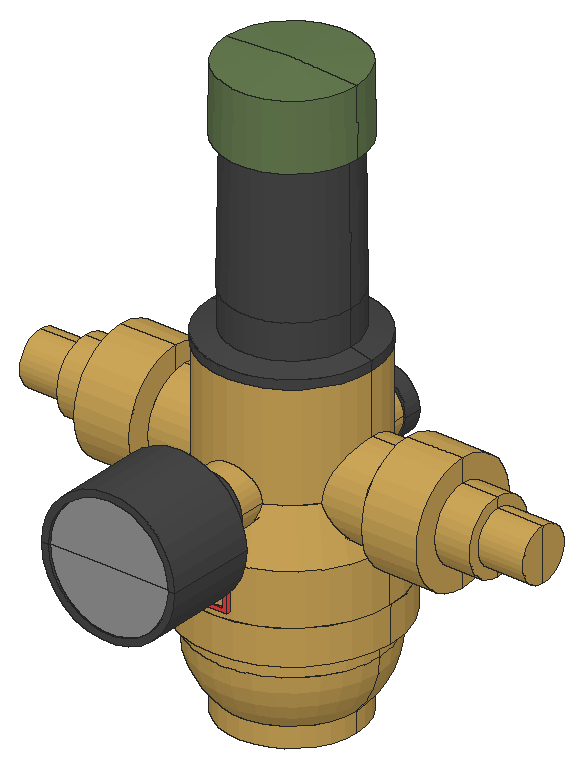
Revit family "Druckminderer mit Messingkappe 2682", category Rohrzubehör, Revit 2018
Family settings
  Bemaßung runder Anschluss = Durchmesser verwenden
  Teiletyp = Unterbricht
  OmniClass-Nummer = 23.65.55.14
  OmniClass-Titel = Valves for Liquid Services
  Arbeitsebenenbasiert = Nein
  Immer vertikal = Ja
  Beim Laden mit Abzugskörper schneiden = Nein
  Gemeinsam genutzt = Nein
Parameters (values of type "Manometer vorne")
  Werkseinstellung (sekundärseitig) = 300000.0 Pa  # constant formula
  W01 = 91.00°  # constant formula
  Vorne [instance] = yes
  VRL03 [instance] = size_lookup("2682_M_", "VRL3", 1.000 mm, Nennweite)  # 23.500 mm
  VRL02 [instance] = size_lookup("2682_M_", "VRL2", 1.000 mm, Nennweite)  # 16.000 mm
  VRL01 [instance] = size_lookup("2682_M_", "VRL1", 1.000 mm, Nennweite)  # 73.500 mm
  VRD02 [instance] = size_lookup("2682_M_", "VRD2", 1.000 mm, Nennweite)  # 17.000 mm
  VRD01 [instance] = size_lookup("2682_M_", "VRD1", 1.000 mm, Nennweite)  # 10.500 mm
  VRAG [instance] = Nennweite / 2  # 7.500 mm
  URL = "www.herz-armaturen.at"
  Standard = "EN 1567"  # constant formula
  SC_NennweiteBerechnet = 0
  SC_Dimension = ""
  SCTWSEQ = "AW;SBT_TYP_AW=\"111\";2"
  SCTWCODE = "04;24;02"  # constant formula
  S02 = 10.000 mm  # constant formula
  S01 [instance] = VRD02 * 2  # 34.000 mm
  R07 [instance] = R05 + 0.800 mm  # 9.300 mm
  R06 = 19.500 mm  # constant formula
  R05 [instance] = size_lookup("2682_M_", "R5", 1.000 mm, Nennweite)  # 8.500 mm
  R04 [instance] = size_lookup("2682_M_", "R4", 1.000 mm, Nennweite)  # 18.900 mm
  R03 [instance] = size_lookup("2682_M_", "R3", 1.000 mm, Nennweite)  # 19.250 mm
  R02 [instance] = size_lookup("2682_M_", "R2", 1.000 mm, Nennweite)  # 28.750 mm
  R01 [instance] = size_lookup("2682_M_", "R1", 1.000 mm, Nennweite)  # 23.250 mm
  Oberteile = "PA6.6"  # constant formula
  Nennweite [instance] = 15.000 mm
  Membrane = "EPDM"  # constant formula
  Medium = "Wasser"  # constant formula
  Max. Vordruck (primärseitig) = 1600000.0 Pa  # constant formula
  Max. Betriebstemperatur = 70 °C  # constant formula
  Maschenweite Filter = "0.3 mm"  # constant formula
  Manometerskala = "0 - 10 bar"  # constant formula
  Manometeranschluss (beidseitig) N = "1/4\" F (ISO 228-1)"
  LO01 [instance] = H02 - 2.000 mm  # 27.000 mm
  L01 [instance] = size_lookup("2682_M_", "L1", 1.000 mm, Nennweite)  # 10.600 mm
  L00 [instance] = size_lookup("2682_M_", "L", 1.000 mm, Nennweite)  # 84.000 mm
  Kappe = "Messing CW617N"  # constant formula
  Holländeranschlüsse = "Messing CW617N"  # constant formula
  Hinweis = "Gemäß Art 33 der REACH-Verordnung (EG Nr. 1907/2006) sind wir verpflichtet, darauf hinzuweisen, dass der Stoff Blei auf der SVHC-Liste geführt wird und dass alle aus Messing bestehenden Bauteile, die in unseren Erzeugnissen verarbeitet sind, mehr als 0,1 % (w/w) Blei (CAS: 7439-92-1 / EINECS: 231-100-4) enthalten.\r\nDa Blei als Legierungsbestandteil fest gebunden ist, sind keine Expositionen zu erwarten und daher sind keine zusätzlichen Angaben zur sicheren Verwendung notwendig."
  Hinten [instance] = no
  Hersteller = "HERZ Armaturen Ges.m.b.H."  # constant formula
  Handgriff = "PA 6.6, grün"  # constant formula
  H12 [instance] = size_lookup("2682_M_", "H12", 1.000 mm, Nennweite)  # 5.800 mm
  H11 [instance] = size_lookup("2682_M_", "H11", 1.000 mm, Nennweite)  # 10.000 mm
  H10 [instance] = size_lookup("2682_M_", "H10", 1.000 mm, Nennweite)  # 37.000 mm
  H09 [instance] = H01 + H04 - H05  # 84.500 mm
  H08 [instance] = size_lookup("2682_M_", "H8", 1.000 mm, Nennweite)  # 20.000 mm
  H07 [instance] = size_lookup("2682_M_", "H7", 1.000 mm, Nennweite)  # 10.000 mm
  H06 [instance] = size_lookup("2682_M_", "H6", 1.000 mm, Nennweite)  # 2.500 mm
  H05 [instance] = size_lookup("2682_M_", "H5", 1.000 mm, Nennweite)  # 4.700 mm
  H04 [instance] = size_lookup("2682_M_", "H4", 1.000 mm, Nennweite)  # 58.700 mm
  H03 [instance] = D02 + 1.000 mm  # 14.220 mm
  H02 [instance] = size_lookup("2682_M_", "H2", 1.000 mm, Nennweite)  # 29.000 mm
  H01 [instance] = size_lookup("2682_M_", "H1", 1.000 mm, Nennweite)  # 30.500 mm
  Gehäuse (DN32-DN50) = "Gussmessing (EN 1982; CC770S)"  # constant formula
  Gehäuse (DN15-DN25) = "geschmiedetes Messing (EN 12165; CW626N)"  # constant formula
  GT1 [instance] = size_lookup("2682_M_", "GT1", 1.000 mm, Nennweite)  # 12.000 mm
  GT [instance] = size_lookup("2682_M_", "GT", 1.000 mm, Nennweite)  # 13.200 mm
  Filter = "Edelstahl"  # constant formula
  Federführung = "Edelstahl"  # constant formula
  Feder = "Federstahl"  # constant formula
  Einstellbereich (sekundärseitig) = "1.5 - 6 bar"  # constant formula
  Dichtung im Druckreduziererelement = "EPDM"  # constant formula
  Dichtung der Holländeranschlüsse = "Klingersil C-4324"  # constant formula
  D09 [instance] = size_lookup("2682_M_", "D9", 1.000 mm, Nennweite)  # 19.000 mm
  D08 [instance] = size_lookup("2682_M_", "D8", 1.000 mm, Nennweite)  # 25.800 mm
  D07 [instance] = size_lookup("2682_M_", "D7", 1.000 mm, Nennweite)  # 29.000 mm
  D06 [instance] = size_lookup("2682_M_", "D6", 1.000 mm, Nennweite)  # 16.000 mm
  D05 [instance] = size_lookup("2682_M_", "D5", 1.000 mm, Nennweite)  # 16.800 mm
  D04 [instance] = size_lookup("2682_M_", "D4", 1.000 mm, Nennweite)  # 17.300 mm
  D03 [instance] = size_lookup("2682_M_", "D3", 1.000 mm, Nennweite)  # 23.500 mm
  D02 [instance] = size_lookup("2682_M_", "D2", 1.000 mm, Nennweite)  # 13.220 mm
  D01 [instance] = size_lookup("2682_M_", "D1", 1.000 mm, Nennweite)  # 9.525 mm
  Bestellnummer [instance] = size_lookup("2682_M_", "Artnr", 0, Nennweite)  # 1268221
  B03 = 5.000 mm  # constant formula
  B02 = 26.000 mm  # constant formula
  B01 [instance] = size_lookup("2682_M_", "B1", 1.000 mm, Nennweite)  # 30.000 mm
  B00 [instance] = size_lookup("2682_M_", "B", 1.000 mm, Nennweite)  # 67.000 mm
  Außengewinde = "gemäß ISO 7-1 und ISO228"  # constant formula
  Anwendung = "Typischerweise dient der Druckreduzierer dazu, Installationen beziehungsweise Anlagen vor zu hohem Druck zu schützen.\r\nWeiters können Druckreduzierer in Heizungsanlagen eingesetzt werden, um zu hohe Drücke im Boiler zu verhindern.\r\nDer Druck nach dem Druckreduzierer ist im angegebenen Bereich einstellbar und steht nicht im Zusammenhang mit dem Vordruck.\r\nUm den Druck nach dem Druckreduzierer zu steigern, muss der Handgriff im Uhrzeigersinn gedreht werden.\r\nDurch das Einstellen von Drücken, welche die vorgegebene Skala überschreiten, können Schäden am Druckreduzierer entstehen.\r\nWir empfehlen einen maximalen Hinterdruck sekundärseitig von 4 bar für Anlagen in privaten Haushalten (lange Produktlebensdauer, geringe Kosten).\r\nNach jeder Änderung des Einstellwertes muss die Ausgangsseite druckentlastet werden, zum Beispiel durch Wasserzapfen."
Types (3, lengths in mm): name | Vorne | Hinten
  (no name) | yes | no
  Manometer vorne | yes | no
  Manometer hinten | no | yes
Reference planes
  plane 1 "Mitte (Vorne/hinten)": y = 0
  plane 2: z = 0
  plane 3 "Mitte (Links/rechts)": x = 0
Forms (mm)
  Revolve 1, solid, material "Messing, weicher Gelbton, geschweißt", detail levels fine
    sketch origin (0, 0, 0) x (1, 0, 0) y (0, 0, 1)
      loop
        line (-42, 0) -> (42, 0) -> (42, 9.525) -> (31.4, 9.525) -> (31.4, 13.22) -> (-31.4, 13.22) -> (-31.4, 9.525) -> (-42, 9.525) -> (-42, 0)
      axis (-42, 0) -> (42, 0)
    angle from 0 to 360
  Revolve 2, solid, material "Messing, weicher Gelbton, geschweißt", detail levels fine
    sketch origin (0, 0, 0) x (1, 0, 0) y (0, 0, 1)
      loop
        line (0, -29) -> (28.75, -29) -> (28.75, -14.22) -> (23.25, 0) -> (23.25, 30.5) -> (0, 30.5) -> (0, -29)
      axis (0, 30.5) -> (0, -29)
    angle from 0 to 360
  Revolve 3, solid, material "Acetalharz, Schwarz", detail levels fine
    sketch origin (0, 0, 0) x (1, 0, 0) y (0, 0, 1)
      loop
        line (0, 30.5) -> (0, 89.2) -> (-16, 89.2) -> (-16, 84.5) -> (-16.8, 84.5) -> (-17.3, 44.5) -> (-17.3, 34.5) -> (-23.5, 33) -> (-23.5, 30.5) -> (0, 30.5)
      axis (0, 89.2) -> (0, 30.5)
    angle from 0 to 360
  Revolve 4, solid, material "Kunststoff GRÜN", detail levels fine
    sketch origin (0, 0, 0) x (1, 0, 0) y (0, 0, 1)
      loop
        line (0, 84.5) -> (19.25, 84.5) -> (18.9, 103.392)
        arc (18.9, 103.392) -> (9.466, 104.223) -> (0, 104.5) r 161.794
        line (0, 104.5) -> (0, 84.5)
      axis (0, 104.5) -> (0, 84.5)
    angle from 0 to 360
  Revolve 5, solid, material "Messing, weicher Gelbton, geschweißt", detail levels fine
    sketch origin (0, 0, 0) x (1, 0, 0) y (0, 0, 1)
      loop
        line (0, -29) -> (0, -66) -> (19, -66) -> (19, -60.2)
        arc (19, -60.2) -> (24.034, -52.577) -> (25.8, -43.615) r 23.626
        line (25.8, -43.615) -> (25.8, -39) -> (29, -39) -> (29, -29) -> (0, -29)
      axis (0, -29) -> (0, -66)
    angle from 0 to 360
  Revolve 6, solid, material "Messing, weicher Gelbton, geschweißt", detail levels fine
    sketch origin (0, 0, 0) x (1, 0, 0) y (0, 0, 1)
      loop
        line (34, 9.525) -> (46, 9.525) -> (46, 0) -> (73.5, 0) -> (73.5, 7.5) -> (60.3, 7.5) -> (60.3, 10.5) -> (50, 10.5) -> (50, 17) -> (34, 17) -> (34, 9.525)
      loop
        line (-34, 9.525) -> (-34, 17) -> (-50, 17) -> (-50, 10.5) -> (-60.3, 10.5) -> (-60.3, 7.5) -> (-73.5, 7.5) -> (-73.5, 0) -> (-46, 0) -> (-46, 9.525) -> (-34, 9.525)
      axis (-73.5, 0) -> (73.5, 0)
    angle from 0 to 360
  Revolve 7, solid, material "Messing, weicher Gelbton, geschweißt", detail levels fine
    sketch origin (0, 0, 0) x (1, 0, 0) y (0, 1, 0)
      loop
        line (0, 30) -> (0, -30) -> (8.5, -30) -> (8.5, 30) -> (0, 30)
      axis (0, 30) -> (0, -30)
    angle from 0 to 360
  Revolve 8, solid, material "Acetalharz, Schwarz", visible <- "Vorne", detail levels fine
    sketch origin (0, 0, 0) x (1, 0, 0) y (0, 1, 0)
      loop
        line (0, -30) -> (0, -65) -> (17.5, -65) -> (17.5, -67) -> (19.5, -67) -> (19.5, -41) -> (9.3, -41) -> (9.3, -30) -> (0, -30)
      axis (0, -30) -> (0, -67)
    angle from 0 to 360
  Revolve 9, solid, material "Acetalharz, Schwarz", visible <- "Vorne", detail levels fine
    sketch origin (0, 0, 0) x (1, 0, 0) y (0, 1, 0)
      loop
        line (0, 30) -> (9.3, 30) -> (9.3, 35) -> (0, 35) -> (0, 30)
      axis (0, 35) -> (0, 30)
    angle from 0 to 360
  Revolve 10, solid, material "Acetalharz, Schwarz", visible <- "Hinten", detail levels fine
    sketch origin (0, 0, 0) x (1, 0, 0) y (0, -1, 0)
      loop
        line (0, 30) -> (9.3, 30) -> (9.3, 35) -> (0, 35) -> (0, 30)
      axis (0, 35) -> (0, 30)
    angle from 0 to 360
  Revolve 11, solid, material "Acetalharz, Weiß", visible <- "Vorne", detail levels fine
    sketch origin (0, 0, 0) x (1, 0, 0) y (0, 1, 0)
      loop
        line (0, -65) -> (0, -66.5) -> (17.5, -66.5) -> (17.5, -65) -> (0, -65)
      axis (0, -65) -> (0, -66.5)
    angle from 0 to 360
  Revolve 12, solid, material "Acetalharz, Schwarz", visible <- "Hinten", detail levels fine
    sketch origin (0, 0, 0) x (1, 0, 0) y (0, -1, 0)
      loop
        line (0, -30) -> (0, -65) -> (17.5, -65) -> (17.5, -67) -> (19.5, -67) -> (19.5, -41) -> (9.3, -41) -> (9.3, -30) -> (0, -30)
      axis (0, -30) -> (0, -67)
    angle from 0 to 360
  Revolve 13, solid, material "Acetalharz, Weiß", visible <- "Hinten", detail levels fine
    sketch origin (0, 0, 0) x (1, 0, 0) y (0, -1, 0)
      loop
        line (0, -65) -> (0, -66.5) -> (17.5, -66.5) -> (17.5, -65) -> (0, -65)
      axis (0, -65) -> (0, -66.5)
    angle from 0 to 360
Lines and regions (mm)
  model lines, detail levels coarse+medium
    curve 1: line (-42, 0, -17) -> (-42, 0, 17)
    curve 2: line (-42, 0, 17) -> (42, 0, -34)
    curve 3: line (42, 0, -34) -> (42, 0, 34)
    curve 4: line (42, 0, 34) -> (-42, 0, -17)
    curve 5: line (-42, 0, 17) -> (-52, 0, 17)
    curve 6: line (-52, 0, 17) -> (-42, 0, 0)
    curve 7: line (-42, 0, -17) -> (-52, 0, -17)
    curve 8: line (-52, 0, -17) -> (-42, 0, 0)
    curve 9: line (-42, 0, 0) -> (-73.5, 0, 0)
    curve 10: line (42, 0, 17) -> (52, 0, 17)
    curve 11: line (52, 0, 17) -> (42, 0, 0)
    curve 12: line (42, 0, -17) -> (52, 0, -17)
    curve 13: line (52, 0, -17) -> (42, 0, 0)
    curve 14: line (42, 0, 0) -> (73.5, 0, 0)
    curve 15: line (-42, -17, 0) -> (-42, 17, 0)
    curve 16: line (-42, 17, 0) -> (42, -34, 0)
    curve 17: line (42, -34, 0) -> (42, 34, 0)
    curve 18: line (42, 34, 0) -> (-42, -17, 0)
    curve 19: line (-42, 17, 0) -> (-52, 17, 0)
    curve 20: line (-52, 17, 0) -> (-42, 0, 0)
    curve 21: line (-42, -17, 0) -> (-52, -17, 0)
    curve 22: line (-52, -17, 0) -> (-42, 0, 0)
    curve 23: line (42, 0, -17) -> (42, 0, 17)
    curve 24: line (42, 0, 17) -> (52, 0, 17)
    curve 25: line (52, 0, 17) -> (42, 0, 0)
    curve 26: line (42, 17, 0) -> (52, 17, 0)
    curve 27: line (52, 17, 0) -> (42, 0, 0)
    curve 28: line (42, -17, 0) -> (52, -17, 0)
    curve 29: line (52, -17, 0) -> (42, 0, 0)
Dimensions and locks
  equal spacing: Revolve 1 sketch curve, plane 3 "Mitte (Links/rechts)", Revolve 1 sketch curve
  "L00": Revolve 1 sketch curve to Revolve 1 sketch curve
  "L01": Revolve 1 sketch curve to Revolve 1 sketch curve  (x2)
  "D01": Revolve 1 sketch curve to Revolve 1 sketch curve  (x2)
  "D02": Revolve 1 sketch curve to plane 2
  "R01": Revolve 2 sketch curve to Revolve 2 sketch curve
  "R02": Revolve 2 sketch curve to Revolve 2 sketch curve
  "H01": Revolve 2 sketch curve to plane 2
  "H02": plane 2 to Revolve 2 sketch curve
  "H03": plane 2 to Revolve 2 sketch curve
  "H01": Revolve 3 sketch curve to plane 2
  "H04": Revolve 3 sketch curve to Revolve 3 sketch curve
  "H05": Revolve 3 sketch curve to Revolve 3 sketch curve
  "H06": Revolve 3 sketch curve to Revolve 3 sketch curve
  "H07": Revolve 3 sketch curve to Revolve 3 sketch curve
  "D03": Revolve 3 sketch curve to Revolve 3 sketch curve
  "D04": Revolve 3 sketch curve to Revolve 3 sketch curve
  "D05": Revolve 3 sketch curve to Revolve 3 sketch curve
  "D06": Revolve 3 sketch curve to Revolve 3 sketch curve
  "R03": Revolve 4 sketch curve to Revolve 4 sketch curve
  "H08": Revolve 4 sketch curve to Revolve 4 sketch curve
  "R04": Revolve 4 sketch curve to plane 3 "Mitte (Links/rechts)"
  "H09": Revolve 4 sketch curve to plane 2
  "H10": Revolve 5 sketch curve to Revolve 5 sketch curve
  "H02": plane 2 to Revolve 5 sketch curve
  "D07": Revolve 5 sketch curve to Revolve 5 sketch curve
  "H11": Revolve 5 sketch curve to Revolve 5 sketch curve
  "D08": Revolve 5 sketch curve to Revolve 5 sketch curve
  "H12": Revolve 5 sketch curve to Revolve 5 sketch curve
  "D09": Revolve 5 sketch curve to Revolve 5 sketch curve
  "VRL02": Revolve 6 sketch curve to Revolve 6 sketch curve  (x2)
  "VRL01": Revolve 6 sketch curve to plane 3 "Mitte (Links/rechts)"
  "GT": Revolve 6 sketch curve to Revolve 6 sketch curve  (x2)
  "VRL03": Revolve 6 sketch curve to Revolve 6 sketch curve  (x2)
  "D01": Revolve 6 sketch curve to plane 2  (x2)
  "GT1": Revolve 6 sketch curve to Revolve 6 sketch curve  (x2)
  "VRAG": Revolve 6 sketch curve to plane 2  (x2)
  "VRD01": Revolve 6 sketch curve to plane 2  (x2)
  "VRD02": Revolve 6 sketch curve to Revolve 6 sketch curve  (x2)
  "VRL01": plane 3 "Mitte (Links/rechts)" to Revolve 6 sketch curve
  "B01": Revolve 7 sketch curve to plane 1 "Mitte (Vorne/hinten)" to Revolve 7 sketch curve
  "R05": Revolve 7 sketch curve to Revolve 7 sketch curve
  "B00": Revolve 8 sketch curve to plane 1 "Mitte (Vorne/hinten)"
  "B01": plane 1 "Mitte (Vorne/hinten)" to Revolve 8 sketch curve
  "B02": Revolve 8 sketch curve to Revolve 8 sketch curve
  "R06": Revolve 8 sketch curve to Revolve 8 sketch curve
  "R07": Revolve 8 sketch curve to Revolve 8 sketch curve
  "R02": nested 1 to plane 1 "Mitte (Vorne/hinten)"
  "LO01": plane 2 to nested 1
  "VRD02": curve 2 to plane 2 to curve 4
  "S01": curve 4 to plane 2 to curve 3
  equal spacing: curve 3, plane 3 "Mitte (Links/rechts)", curve 1
  "L00": curve 3 to curve 1
  "S02": curve 1 to curve 6
  "S02": curve 1 to curve 8
  "VRL01": plane 3 "Mitte (Links/rechts)" to curve 9
  "S02": curve 11 to curve 3
  "S02": curve 13 to curve 3
  "VRL01": curve 14 to plane 3 "Mitte (Links/rechts)"
  "VRD02": curve 10 to plane 2 to curve 12
  equal spacing: curve 15, plane 3 "Mitte (Links/rechts)", curve 17
  "L00": curve 15 to curve 17
  "VRD02": curve 18 to plane 1 "Mitte (Vorne/hinten)" to curve 16
  "S01": curve 17 to plane 1 "Mitte (Vorne/hinten)" to curve 18
  "S02": curve 20 to curve 15
  "S02": curve 22 to curve 15
  "S02": curve 17 to curve 27
  "S02": curve 17 to curve 29
  "VRD02": curve 28 to plane 1 "Mitte (Vorne/hinten)" to curve 26
  "R07": Revolve 9 sketch curve to Revolve 9 sketch curve
  "B03": Revolve 9 sketch curve to Revolve 9 sketch curve
  "B01": plane 1 "Mitte (Vorne/hinten)" to Revolve 9 sketch curve
  "R07": Revolve 10 sketch curve to Revolve 10 sketch curve
  "B03": Revolve 10 sketch curve to Revolve 10 sketch curve
  "B01": Revolve 10 sketch curve to plane 1 "Mitte (Vorne/hinten)"
  "B02": Revolve 12 sketch curve to Revolve 12 sketch curve
  "R06": Revolve 12 sketch curve to Revolve 12 sketch curve
  "R07": Revolve 12 sketch curve to Revolve 12 sketch curve
  aligned and locked: level to plane 2
Automatic sketch dimensions
  Revolve 11 sketch curve to plane 3 "Mitte (Links/rechts)" = 0.000 mm  (x2)
  plane 3 "Mitte (Links/rechts)" to Revolve 11 sketch curve = 17.500 mm
  plane 1 "Mitte (Vorne/hinten)" to Revolve 11 sketch curve = 66.500 mm
  Revolve 11 sketch curve to Revolve 11 sketch curve = 1.500 mm
  Revolve 11 sketch curve to Revolve 11 sketch curve = 1933.500 mm
  Revolve 11 sketch curve to plane 1 "Mitte (Vorne/hinten)" = 2000.000 mm
  Revolve 13 sketch curve to plane 3 "Mitte (Links/rechts)" = 0.000 mm  (x2)
  Revolve 13 sketch curve to plane 3 "Mitte (Links/rechts)" = 17.500 mm
  plane 1 "Mitte (Vorne/hinten)" to Revolve 13 sketch curve = 66.500 mm
  Revolve 13 sketch curve to Revolve 13 sketch curve = 1.500 mm
  Revolve 13 sketch curve to Revolve 13 sketch curve = 1933.500 mm
  Revolve 13 sketch curve to plane 1 "Mitte (Vorne/hinten)" = 2000.000 mm
  curve 25 to level = 0.000 mm
  curve 14 to level = 0.000 mm
  curve 6 to level = 0.000 mm
  curve 8 to level = 0.000 mm
  curve 24 to curve 10 = 0.000 mm
  plane 1 "Mitte (Vorne/hinten)" to curve 29 = 0.000 mm
  plane 1 "Mitte (Vorne/hinten)" to curve 20 = 0.000 mm
  Revolve 1 sketch curve to level = 0.000 mm  (x2)
  Revolve 1 sketch curve to Revolve 1 sketch curve = 1464.530 mm
  Revolve 1 sketch curve to Revolve 1 sketch curve = 1797.148 mm
  Revolve 2 sketch curve to plane 3 "Mitte (Links/rechts)" = 0.000 mm  (x2)
  Revolve 2 sketch curve to level = 0.000 mm
  Revolve 2 sketch curve to Revolve 2 sketch curve = 337.045 mm
  Revolve 2 sketch curve to Revolve 2 sketch curve = 2183.815 mm
  Revolve 3 sketch curve to plane 3 "Mitte (Links/rechts)" = 0.000 mm  (x2)
  Revolve 3 sketch curve to Revolve 3 sketch curve = 1.500 mm
  Revolve 3 sketch curve to level = 366.045 mm
  Revolve 3 sketch curve to Revolve 3 sketch curve = 2125.115 mm
  Revolve 4 sketch curve to plane 3 "Mitte (Links/rechts)" = 0.000 mm  (x2)
  Revolve 4 sketch curve to level = 57.294 mm
  Revolve 4 sketch curve to Revolve 4 sketch curve = 308.751 mm
  Revolve 4 sketch curve to Revolve 4 sketch curve = 2109.815 mm
  Revolve 5 sketch curve to plane 3 "Mitte (Links/rechts)" = 0.000 mm  (x2)
  plane 3 "Mitte (Links/rechts)" to Revolve 5 sketch curve = 2.174 mm
  Revolve 5 sketch curve to Revolve 5 sketch curve = 300.045 mm
  level to Revolve 5 sketch curve = 2214.315 mm
  Revolve 6 sketch curve to level = 0.000 mm  (x3)
  Revolve 6 sketch curve to Revolve 6 sketch curve = 1433.030 mm
  Revolve 6 sketch curve to Revolve 6 sketch curve = 1765.648 mm
  Revolve 7 sketch curve to plane 3 "Mitte (Links/rechts)" = 0.000 mm  (x2)
  Revolve 7 sketch curve to Revolve 7 sketch curve = 1950.000 mm  (x2)
  Revolve 8 sketch curve to plane 3 "Mitte (Links/rechts)" = 0.000 mm  (x2)
  Revolve 8 sketch curve to Revolve 8 sketch curve = 2.000 mm  (x2)
  Revolve 8 sketch curve to Revolve 8 sketch curve = 1936.000 mm
  Revolve 8 sketch curve to plane 1 "Mitte (Vorne/hinten)" = 2000.000 mm
  Revolve 9 sketch curve to plane 3 "Mitte (Links/rechts)" = 0.000 mm  (x2)
  plane 1 "Mitte (Vorne/hinten)" to Revolve 9 sketch curve = 2000.000 mm
  Revolve 9 sketch curve to Revolve 9 sketch curve = 1963.669 mm
  Revolve 10 sketch curve to plane 3 "Mitte (Links/rechts)" = 0.000 mm  (x2)
  plane 1 "Mitte (Vorne/hinten)" to Revolve 10 sketch curve = 2000.000 mm
  Revolve 10 sketch curve to Revolve 10 sketch curve = 1963.669 mm
  Revolve 12 sketch curve to plane 3 "Mitte (Links/rechts)" = 0.000 mm  (x2)
  Revolve 12 sketch curve to Revolve 12 sketch curve = 2.000 mm  (x2)
  plane 1 "Mitte (Vorne/hinten)" to Revolve 12 sketch curve = 67.000 mm
  Revolve 12 sketch curve to Revolve 12 sketch curve = 11.000 mm
  Revolve 12 sketch curve to Revolve 12 sketch curve = 1936.000 mm
  Revolve 12 sketch curve to plane 1 "Mitte (Vorne/hinten)" = 2000.000 mm
Nested families
  nested 1: "Herz-Logo-vorne" at (0, -28.75, -22.5) x (0, 1, 0) z (0, 0, 1), type "Herz-Logo-vorne", detail levels fine
Connectors
  piping at (73.5, 0, 0), diameter 15, driven by "Nennweite"
    settings: on Revolve 6, index 1, connector inside diameter 609.6 mm, connector length 0.000 mm, flow factor 0, pipe flow 0.0 L/s, pressure drop 0.0 Pa, fitting loss kfactor 0, connector angle 0.00°, fixture units 0, engagement length 0.000 mm, angle of deflection 0.00°, flow configuration 0, flow direction 2, fitting loss method 0, system type 29, joint type 0, gender type 0, connector reference index -1, connector utility 0, adjustable connector no, is connector primary yes, connector description ""
  piping at (-73.5, 0, 0), diameter 15, driven by "Nennweite"
    settings: on Revolve 6, index 2, connector inside diameter 609.6 mm, connector length 0.000 mm, flow factor 0, pipe flow 0.0 L/s, pressure drop 0.0 Pa, fitting loss kfactor 0, connector angle 0.00°, fixture units 0, engagement length 0.000 mm, angle of deflection 0.00°, flow configuration 0, flow direction 1, fitting loss method 0, system type 29, joint type 0, gender type 0, connector reference index -1, connector utility 0, adjustable connector no, is connector primary no, connector description ""
Definition of nested family "Herz-Logo-vorne"
  Reference planes
    plane 1 "Mitte (Vorne/hinten)": y = 0
    plane 2: z = 0
    plane 3 "Mitte (Links/rechts)": x = 0
  Forms (mm)
    Extrusion 1, solid
      sketch origin (0.732, -0.018, 0.017) x (0, -1, 0) y (0, 0, 1)
        loop
          line (-0.018, -4.517) -> (4.482, -4.517) -> (4.482, 4.483) -> (-4.518, 4.483) -> (-4.518, -4.517) -> (-0.018, -4.517)
        loop
          line (-0.05, -3.48) -> (3.482, -3.48) -> (3.482, 3.483) -> (-3.518, 3.483) -> (-3.518, -3.48) -> (-0.05, -3.48)
        loop
          arc (-0.018, 2.383) -> (-1.543, 3.287) -> (-3.067, 2.383) r 1.738
          arc (-3.067, 2.383) -> (-3.191, 1.899) -> (-3.067, 1.415) r 1.009
          line (-3.067, 1.415) -> (-0.018, -3.281) -> (3.032, 1.415)
          arc (3.032, 1.415) -> (3.156, 1.899) -> (3.032, 2.383) r 1.009
          arc (3.032, 2.383) -> (1.507, 3.287) -> (-0.018, 2.383) r 1.738
        loop
          arc (1.885, 1.272) -> (2.005, 1.675) -> (1.885, 2.079) r 0.74
          arc (1.885, 2.079) -> (1.265, 2.416) -> (0.644, 2.079) r 0.74
          line (0.644, 2.079) -> (-0.018, 0.97) -> (-0.679, 2.079)
          arc (-0.679, 2.079) -> (-1.3, 2.416) -> (-1.921, 2.079) r 0.74
          arc (-1.921, 2.079) -> (-2.04, 1.675) -> (-1.921, 1.272) r 0.74
          line (-1.921, 1.272) -> (-0.018, -1.658) -> (1.885, 1.272)
      from 0 to 1.5
  Dimensions and locks
    aligned and locked: level to plane 2
